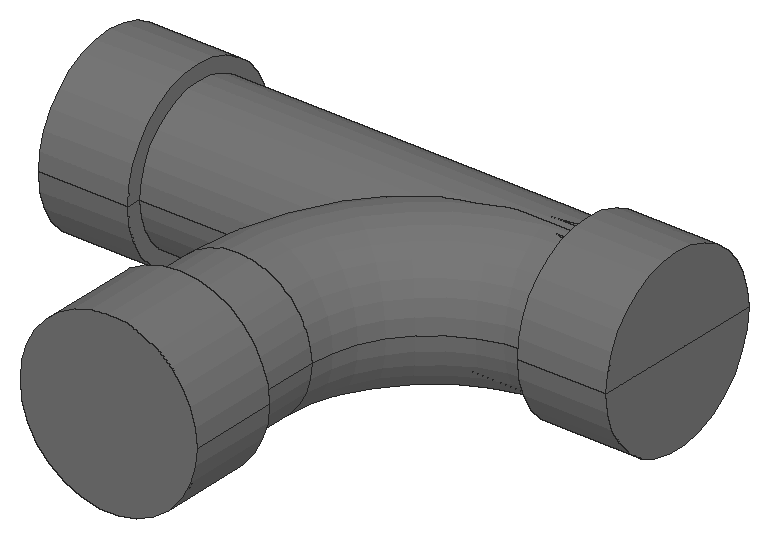
Revit family "Fittings-Tee-Champion_Couplings-MI-TEE_Series", category Pipe Fittings, Revit 2014
Parameters (values of type "MI-ELB-150")
  Width B = 4.500"
  Width A = 1.800"
  Waste Connection = no
  Warranty Information = "1 Year Warranty"  # constant formula
  Vent Connection = no
  URL = "http://www.mifab.com"
  Tick Size = Width A * 0.4  # 0.720"
  Standard Listings & Approval = "CSA Approved, U.P.C. Approved"  # constant formula
  Product Page URL = "http://www.mifab.com/Catalog/No_Hub_Couplings/MITEE_FLEXIBLE_RUBBER_TEES.html"
  Product Documentation Link = "http://www.mifab.com/Catalog/Library/MI-TEE-spec_sheet.pdf"
  Price = "Prices may vary. Please consult Manufacturer Representative for most up-to-date price list."  # constant formula
  Pipe Size Description = "1 1/2\" Tee"
  Pipe Connection Diameter = 1.500"
  Pallet Quantity = "1500"
  Nominal Length = Width A / 2  # 0.900"
  Nominal Height = 0.725"
  Model = "MI-TEE"
  Material = "Rubber-Champion Couplings-Flexible Rubber"  # constant formula
  Manufacturer = "Champion Couplings"  # constant formula
  List Price (Each Piece) = 16
  Height = 5.750"
  HW Connection = no
  Description = "MIFAB® Series MI-TEE (specify size) of flexible rubber elbow couplings are manufactured from a flexible PVC\r\nthat meets the requirements of ASTM C-564 and Type 300 Series of stainless steel clamps tightened (to 60 lbs. torque) with\r\n5/16” Type 300 stainless steel hex head screws. The MI-TEE Series of flexible tees are listed with I.A.P.M.O. Non constant\r\ntemperature rating is 140 F."  # constant formula
  Creation Date = "\"2/17/2016\""
  Carton Quantity = "50"
  CW Connection = yes
  Assembly Code = "D2090800"
Types (5): name | Width B | Width A | Tick Size | Pipe Size Description | Pipe Connection Diameter | Pallet Quantity | Nominal Length | Nominal Height | List Price (Each Piece) | Height | Carton Quantity
  (no name) | 4.500" | 1.800" | 0.720" | "1 1/2\" Tee" | 1.500" | "1500" | 0.900" | 0.725" | 16 | 5.750" | "50"
  MI-ELB-150 | 4.500" | 1.800" | 0.720" | "1 1/2\" Tee" | 1.500" | "1500" | 0.900" | 0.725" | 16 | 5.750" | "50"
  MI-ELB-200 | 5.500" | 2.310" | 0.924" | "2\" Tee" | 2.000" | "1200" | 1.155" | 1.000" | 17.25 | 6.700" | "20"
  MI-ELB-300 | 7.500" | 3.400" | 1.360" | "3\" Tee" | 3.000" | "400" | 1.700" | 0.375" | 26.25 | 10.750" | "20"
  MI-ELB-400 | 10.250" | 4.520" | 1.808" | "4\" Tee" | 4.000" | "168" | 2.260" | 1.500" | 37 | 13.000" | "6"
Reference planes (in)
  plane 1 "Center (Front/Back)": y = 0
  plane 2: z = 0
  plane 3 "Center (Left/Right)": x = 0
  plane 4: x = -2.875
  plane 5: x = 0.9
  plane 6: x = -0.9
  plane 7: y = 0.9
  plane 8: y = -0.9
  plane 9: x = -1.975
  plane 10: x = 2.875
  plane 11: x = 1.975
  plane 12: y = -0.75
  plane 13: y = 0.75
  plane 14: y = -3.6
  plane 15: y = -2.7
Forms (in)
  Revolve 1, solid, material "Rubber-Champion Couplings-Flexible Rubber"
    sketch origin (0, 0, 0) x (1, 0, 0) y (0, 1, 0)
      loop
        line (-2.875, 0) -> (2.875, 0) -> (2.875, 0.9) -> (1.975, 0.9) -> (1.975, 0.75) -> (-1.975, 0.75) -> (-1.975, 0.9) -> (-2.875, 0.9) -> (-2.875, 0)
      axis (2.875, 0) -> (-2.875, 0)
    angle from 0 to 360
  Sweep 2, solid, material "Rubber-Champion Couplings-Flexible Rubber"
    path origin (0, 0, 0) x (1, 0, 0) y (0, -1, 0)
      loop
        arc (1.975, 0) -> (0.57846, 0.57846) -> (0, 1.975) r 1.975
        line (0, 1.975) -> (0, 2.7)
    profile origin (0, -1.975, 0) x (1, 0, 0) y (0, 0, 1)
      loop
        circle (0, 0) r 0.75
  Extrusion 3, solid, material "Rubber-Champion Couplings-Flexible Rubber"
    sketch origin (0, 0, 0) x (1, 0, 0) y (0, 0, 1)
      loop
        circle (0, 0) r 0.9
    from 2.7 to 3.6
Lines and regions (in)
  Masking region 1, detail levels fine
    outline origin (0, 0, 0) x (1, 0, 0) y (0, 1, 0)
      loop
        line (-2.875, 0.9) -> (-2.875, -0.9) -> (-1.975, -0.9) -> (-1.975, -0.75) -> (-0.75, -0.75) -> (-0.75, -2.7) -> (-0.9, -2.7) -> (-0.9, -3.6) -> (0.9, -3.6) -> (0.9, -2.7) -> (0.75, -2.7) -> (0.75, -1.975)
        arc (0.75, -1.975) -> (1.10879, -1.10879) -> (1.975, -0.75) r 1.225
        line (1.975, -0.75) -> (1.975, -0.9) -> (2.875, -0.9) -> (2.875, 0.9) -> (1.975, 0.9) -> (1.975, 0.75) -> (-1.975, 0.75) -> (-1.975, 0.9) -> (-2.875, 0.9)
  model lines, detail levels coarse+medium
    curve 1: line (-2.875, 0.72, 0) -> (-2.875, -0.72, 0)
    curve 2: line (-2.875, 0, 0) -> (2.875, 0, 0)
    curve 3: line (2.875, 0.72, 0) -> (2.875, -0.72, 0)
    curve 7: line (-0.72, -3.6, 0) -> (0.72, -3.6, 0)
    curve 8: line (0, -3.6, 0) -> (0, -1.975, 0)
    curve 9: arc (1.975, 0, 0) -> (0.57846, -0.57846, 0) -> (0, -1.975, 0) r 1.975
  symbolic lines, detail levels fine
    curve 4: line (-1.975, 0.9, 0) -> (-1.975, -0.9, 0)
    curve 5: line (1.975, 0.9, 0) -> (1.975, -0.9, 0)
    curve 6: line (-0.9, -2.7, 0) -> (0.9, -2.7, 0)
Dimensions and locks (in)
  "Width A": plane 6 to plane 5
  equal spacing: plane 6, plane 3 "Center (Left/Right)", plane 5
  "Width A": plane 7 to plane 8
  equal spacing: plane 7, plane 1 "Center (Front/Back)", plane 8
  "Nominal Length": plane 4 to plane 9
  "Tick Size": plane 1 "Center (Front/Back)" to curve 1
  "Tick Size": curve 1 to plane 1 "Center (Front/Back)"
  "Height": plane 4 to plane 10
  equal spacing: plane 4, plane 3 "Center (Left/Right)", plane 10
  "Nominal Length": plane 11 to plane 10
  "Tick Size": plane 1 "Center (Front/Back)" to curve 3
  "Tick Size": curve 3 to plane 1 "Center (Front/Back)"
  "Pipe Connection Diameter": plane 12 to plane 13
  equal spacing: plane 13, plane 1 "Center (Front/Back)", plane 12
  "Tick Size": plane 3 "Center (Left/Right)" to curve 7
  "Tick Size": curve 7 to plane 3 "Center (Left/Right)"
  "Nominal Length": plane 15 to plane 14
  "Width B": plane 7 to plane 14
  "Pipe Connection Diameter": Masking region 1 sketch curve to Masking region 1 sketch curve  (x3)
  equal spacing: Masking region 1 sketch curve, plane 1 "Center (Front/Back)", Masking region 1 sketch curve
  equal spacing: Masking region 1 sketch curve, plane 3 "Center (Left/Right)", Masking region 1 sketch curve
  "Pipe Connection Diameter": diameter of Sweep 2 sketch curve
  "Width A": diameter of Extrusion 3 sketch curve
  aligned and locked: plane 1 "Center (Front/Back)" to curve 2
  aligned and locked: plane 4 to curve 2
  aligned and locked: curve 1 to plane 4
  aligned and locked: plane 10 to curve 3
  aligned and locked: Revolve 1 sketch curve to plane 7  (x2)
  aligned and locked: plane 4 to Revolve 1 sketch curve
  aligned and locked: plane 10 to Revolve 1 sketch curve
  aligned and locked: Revolve 1 sketch curve to plane 13
  aligned and locked: curve 4 to Revolve 1
  aligned and locked: curve 5 to Revolve 1
  aligned and locked: curve 6 to plane 15
  aligned and locked: curve 7 to plane 14
  aligned and locked: plane 3 "Center (Left/Right)" to curve 8
  aligned and locked: plane 15 to Sweep 2 sketch curve
  aligned and locked: plane 1 "Center (Front/Back)" to Sweep 2 sketch curve
  aligned and locked: plane 2 to Extrusion 3 sketch curve
  aligned and locked: plane 3 "Center (Left/Right)" to Extrusion 3 sketch curve
  aligned and locked: Extrusion 3 to plane 14
  aligned and locked: plane 15 to Extrusion 3
  aligned and locked: Masking region 1 sketch curve to plane 7
  aligned and locked: Masking region 1 sketch curve to Revolve 1  (x2)
  aligned and locked: Masking region 1 sketch curve to plane 8
  aligned and locked: plane 7 to Masking region 1 sketch curve
  aligned and locked: plane 8 to Masking region 1 sketch curve
  aligned and locked: Masking region 1 sketch curve to Extrusion 3
  aligned and locked: plane 6 to Masking region 1 sketch curve
  aligned and locked: Masking region 1 sketch curve to plane 5
  aligned and locked: Masking region 1 sketch curve to plane 9  (x2)
  aligned and locked: plane 11 to Masking region 1 sketch curve  (x2)
  aligned and locked: plane 15 to Masking region 1 sketch curve  (x2)
Automatic sketch dimensions
  Sweep 2 sketch curve to plane 3 "Center (Left/Right)" = 0.000"
  Sweep 2 sketch curve to plane 11 = 0.000"
  curve 6 to plane 6 = 0.000"
  curve 6 to plane 5 = 0.000"
  plane 8 to curve 4 = 0.000"
  plane 8 to curve 5 = 0.000"
  plane 1 "Center (Front/Back)" to curve 9 = 0.000"
  curve 5 to plane 7 = 0.000"
  curve 4 to plane 7 = 0.000"
  plane 1 "Center (Front/Back)" to Revolve 1 sketch curve = 0.000"  (x2)
  Revolve 1 sketch curve to plane 9 = 0.000"
  Revolve 1 sketch curve to plane 11 = 0.000"
  Revolve 1 sketch curve to plane 4 = 2.13374"
  Revolve 1 sketch curve to Revolve 1 sketch curve = 1.750"
  Sweep 2 sketch curve to level = 0.000"
  profile plane to Sweep 2 sketch curve = 0.000"
Connectors (in)
  piping at (2.875, 0, 0), diameter 1.5, driven by "Pipe Connection Diameter"
    settings: on Revolve 1, index 1, connector inside diameter 24", connector length 0.000", flow factor 0, pipe flow 0 GPM, pressure drop 0.00 psi, fitting loss kfactor 0, connector angle 0.00°, fixture units 0, engagement length 0.000", angle of deflection 0.00°, flow configuration 0, flow direction 0, fitting loss method 0, system type 28, joint type 0, gender type 0, connector reference index -1, connector utility 0, adjustable connector no, is connector primary yes, connector description ""
  piping at (0, -3.6, 0), diameter 1.5, driven by "Pipe Connection Diameter"
    settings: on Extrusion 3, index 2, connector inside diameter 24", connector length 0.000", flow factor 0, pipe flow 0 GPM, pressure drop 0.00 psi, fitting loss kfactor 0, connector angle 90.00°, fixture units 0, engagement length 0.000", angle of deflection 0.00°, flow configuration 0, flow direction 0, fitting loss method 0, system type 28, joint type 0, gender type 0, connector reference index -1, connector utility 0, adjustable connector no, is connector primary no, connector description ""
  piping at (-2.875, 0, 0), diameter 1.5, driven by "Pipe Connection Diameter"
    settings: on Revolve 1, index 3, connector inside diameter 24", connector length 0.000", flow factor 0, pipe flow 0 GPM, pressure drop 0.00 psi, fitting loss kfactor 0, connector angle 0.00°, fixture units 0, engagement length 0.000", angle of deflection 0.00°, flow configuration 0, flow direction 0, fitting loss method 0, system type 28, joint type 0, gender type 0, connector reference index -1, connector utility 0, adjustable connector no, is connector primary no, connector description ""
